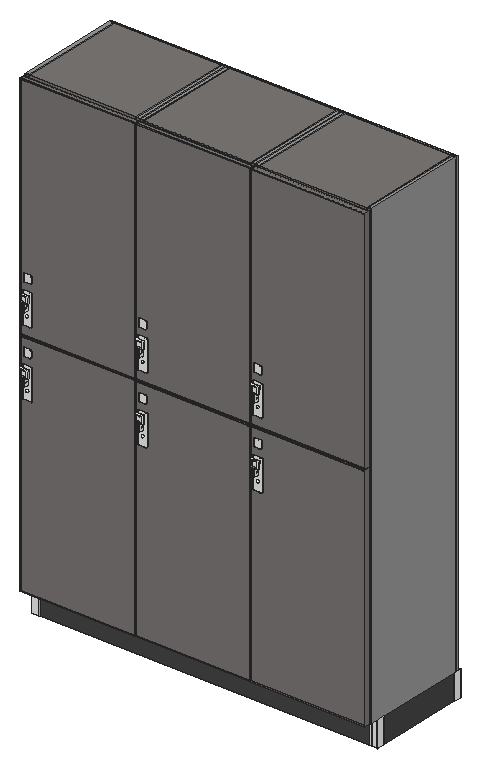
Revit family "Wood_Lockers_Hasps-Salsbury_Industries-18_42000_Series-3_Wide_Units.rfa", category Specialty Equipment, Revit 2016 (continued)
Types (7): name | Unit Height including Sloping Hood Only | Unit Height including Base Only | Sloping Hood Height | Overall Unit Height including Base and Sloping Hood | Model | Flat Top In-Line Filler - Right Side | Description | Depth | Compartment Depth | Base Height | Base Depth | Base
  18-42368 - without Base | 78.868" | 72.000" | 6.868" | 78.868" | "18-42368 without Base" | Wood Locker Sloping In-Line Fillers : None | "3 Wide - 6 Feet High - 18 inches Deep - without Base" | 18.000" | 16.750" | 0.000" | 16.250" | Wood Locker Bases : None
  18-42361 | 79.993" | 76.000" | 7.993" | 83.993" | "18-42361" | Wood Locker Sloping In-Line Fillers : None | "3 Wide - 6 Feet High - 21 inches Deep - with Base" | 21.000" | 19.750" | 4.000" | 19.250" | Wood Locker Bases : Base - 54" W x 21" D Lockers
  18-42361 - without Base | 79.993" | 72.000" | 7.993" | 79.993" | "18-42361 without Base" | Wood Locker Sloping In-Line Fillers : None | "3 Wide - 6 Feet High - 21 inches Deep - without Base" | 21.000" | 19.750" | 0.000" | 19.250" | Wood Locker Bases : None
